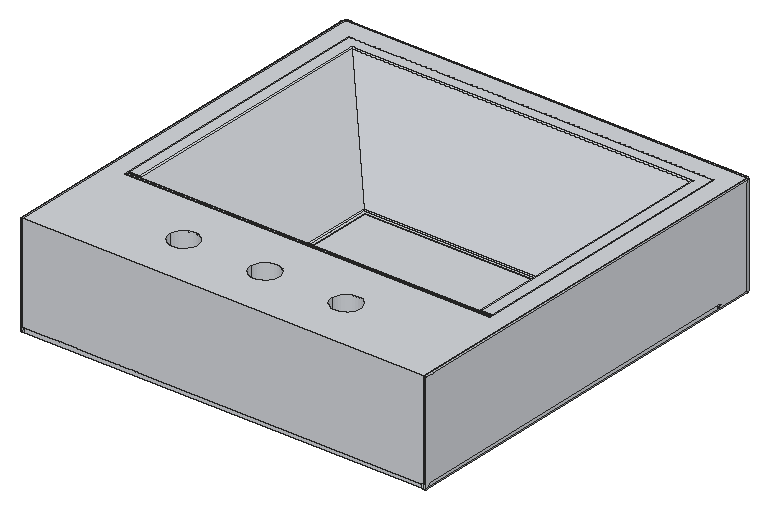
Revit family
Parameters (values of type "400 x 500mm")
  Material = none
  Manufacturer = "Revit"
  Assembly Code = "D2010440"
Reference planes
  plane 1 "Center (Front/Back)": y = 0
  plane 2: z = 0
  plane 3 "Center (Left/Right)": x = 0
  plane 4: x = -134.49
  plane 5: x = -249.489
  plane 6: x = -224.489
Forms (mm)
  Sweep 1, solid, material <- "Material"
    path origin (-125, -75, 630) x (1, 0, 0) y (0, 1, 0)
      loop
        line (-99.49, 210) -> (-99.49, 550) -> (349.489, 550) -> (349.489, 210)
    profile origin (0, 305, 0) x (-1, 0, 0) y (0, 0, 1)
      loop
        line (224.489, 745) -> (224.489, 750) -> (210.598, 750)
        arc (210.598, 750) -> (209.628, 749.749) -> (208.902, 749.06) r 2
        line (208.902, 749.06) -> (135.077, 630.94)
        arc (135.077, 630.94) -> (134.351, 630.251) -> (133.381, 630) r 2
        line (133.381, 630) -> (129.136, 630) -> (129.136, 624.958) -> (137.234, 624.958) -> (212.261, 745) -> (224.489, 745)
  Sweep 2, solid, material <- "Material"
    path origin (-125, -75, 630) x (1, 0, 0) y (0, 1, 0)
      loop
        line (-99.49, 205) -> (349.489, 205)
    profile origin (0, 0, 0) x (0, 1, 0) y (0, 0, 1)
      loop
        line (149.827, 631.749) -> (135.102, 748.251)
        arc (135.102, 748.251) -> (134.441, 749.5) -> (133.118, 750) r 2
        line (133.118, 750) -> (129.881, 750) -> (145.686, 624.958) -> (155.686, 624.958) -> (155.686, 630) -> (151.811, 630)
        arc (151.811, 630) -> (150.489, 630.5) -> (149.827, 631.749) r 2
  Extrusion 3, solid, material <- "Material"
    sketch origin (-125, -75, 630) x (1, 0, 0) y (0, 1, 0)
      loop
        arc (-119.49, 573) -> (-121.611, 572.121) -> (-122.49, 570) r 3
        line (-122.49, 570) -> (-122.49, 75) -> (372.489, 75) -> (372.489, 570)
        arc (372.489, 570) -> (371.611, 572.121) -> (369.489, 573) r 3
        line (369.489, 573) -> (-119.49, 573)
      loop
        circle (25.511, 139.361) r 17.5
      loop
        circle (125.511, 139.361) r 17.5
      loop
        circle (225.511, 139.361) r 17.5
      loop
        line (349.489, 550) -> (-99.49, 550) -> (-99.49, 205) -> (349.489, 205) -> (349.489, 550)
    from 0 to 120
  Sweep 4, solid, material <- "Material"
    path origin (-125, -75, 630) x (1, 0, 0) y (0, 1, 0)
      loop
        line (-124.49, 75) -> (-124.49, 570)
        arc (-124.49, 570) -> (-123.025, 573.536) -> (-119.49, 575) r 5
        line (-119.49, 575) -> (369.489, 575)
        arc (369.489, 575) -> (373.025, 573.536) -> (374.489, 570) r 5
        line (374.489, 570) -> (374.489, 75)
    profile origin (0, 247.5, 0) x (-1, 0, 0) y (0, 0, 1)
      loop
        line (247.489, 750) -> (247.489, 625) -> (248.489, 625)
        arc (248.489, 625) -> (249.197, 625.293) -> (249.489, 626) r 1
        line (249.489, 626) -> (249.489, 749)
        arc (249.489, 749) -> (249.197, 749.707) -> (248.489, 750) r 1
        line (248.489, 750) -> (247.489, 750)
  Extrusion 5, solid, material <- "Material"
    sketch origin (-125, -75, 630) x (1, 0, 0) y (0, 1, 0)
      loop
        arc (-124.49, 80) -> (-123.025, 76.464) -> (-119.49, 75) r 5
        line (-119.49, 75) -> (369.489, 75)
        arc (369.489, 75) -> (373.025, 76.464) -> (374.489, 80) r 5
        line (374.489, 80) -> (374.489, 570)
        arc (374.489, 570) -> (373.025, 573.536) -> (369.489, 575) r 5
        line (369.489, 575) -> (-119.49, 575)
        arc (-119.49, 575) -> (-123.025, 573.536) -> (-124.49, 570) r 5
        line (-124.49, 570) -> (-124.49, 80)
      loop
        circle (125.51, 275) r 23
    from -5.042 to 0
Lines and regions (mm)
  symbolic lines
    curve 1: line (-244.489, 500, 0) -> (244.49, 500, 0)
    curve 2: arc (244.49, 500, 0) -> (248.025, 498.536, 0) -> (249.49, 495, 0) r 5
    curve 3: line (249.49, 495, 0) -> (249.49, 5, 0)
    curve 4: arc (249.49, 5, 0) -> (248.025, 1.464, 0) -> (244.49, 0, 0) r 5
    curve 5: line (244.49, 0, 0) -> (-244.489, 0, 0)
    curve 6: arc (-244.489, 0, 0) -> (-248.025, 1.464, 0) -> (-249.489, 5, 0) r 5
    curve 7: line (-249.489, 5, 0) -> (-249.489, 495, 0)
    curve 8: arc (-249.489, 495, 0) -> (-248.025, 498.536, 0) -> (-244.489, 500, 0) r 5
    curve 9: line (-219.489, 475, 0) -> (219.49, 475, 0)
    curve 10: arc (219.49, 475, 0) -> (223.025, 473.536, 0) -> (224.49, 470, 0) r 5
    curve 11: line (224.49, 470, 0) -> (224.49, 135, 0)
    curve 12: arc (224.49, 135, 0) -> (223.025, 131.464, 0) -> (219.49, 130, 0) r 5
    curve 13: line (219.49, 130, 0) -> (-219.489, 130, 0)
    curve 14: arc (-219.489, 130, 0) -> (-223.025, 131.464, 0) -> (-224.489, 135, 0) r 5
    curve 15: line (-224.489, 135, 0) -> (-224.489, 470, 0)
    curve 16: arc (-224.489, 470, 0) -> (-223.025, 473.536, 0) -> (-219.489, 475, 0) r 5
    curve 17: line (124.106, 150.048, 0) -> (-126.022, 150.048, 0)
    curve 18: line (-126.022, 150.048, 0) -> (-129.49, 150.048, 0)
    curve 19: arc (-129.49, 150.048, 0) -> (-133.025, 151.513, 0) -> (-134.49, 155.048, 0) r 5
    curve 20: line (-134.49, 155.048, 0) -> (-134.49, 380, 0)
    curve 21: arc (-134.49, 380, 0) -> (-133.025, 383.536, 0) -> (-129.49, 385, 0) r 5
    curve 22: line (-129.49, 385, 0) -> (130.511, 385, 0)
    curve 23: line (-219.489, 470, 0) -> (-137.619, 388.13, 0)
    curve 24: line (219.49, 470, 0) -> (137.185, 387.696, 0)
    curve 25: line (219.49, 135, 0) -> (139.819, 150.477, 0)
    curve 26: line (-219.489, 135, 0) -> (-139.472, 151.032, 0)
    curve 27: arc (23.511, 200, 0) -> (0.511, 177, 0) -> (-22.489, 200, 0) r 23
    curve 28: arc (-22.489, 200, 0) -> (0.511, 223, 0) -> (23.511, 200, 0) r 23
    curve 29: arc (-36.989, 200, 0) -> (0.511, 237.5, 0) -> (38.011, 200, 0) r 37.5
    curve 30: arc (38.011, 200, 0) -> (0.511, 162.5, 0) -> (-36.989, 200, 0) r 37.5
    curve 31: arc (-16.989, 64.361, 0) -> (0.511, 81.861, 0) -> (18.011, 64.361, 0) r 17.5
    curve 32: arc (18.011, 64.361, 0) -> (0.511, 46.861, 0) -> (-16.989, 64.361, 0) r 17.5
    curve 33: arc (83.011, 64.361, 0) -> (100.511, 81.861, 0) -> (118.011, 64.361, 0) r 17.5
    curve 34: arc (118.011, 64.361, 0) -> (100.511, 46.861, 0) -> (83.011, 64.361, 0) r 17.5
    curve 35: arc (-116.989, 64.361, 0) -> (-99.489, 81.861, 0) -> (-81.989, 64.361, 0) r 17.5
    curve 36: arc (-81.989, 64.361, 0) -> (-99.489, 46.861, 0) -> (-116.989, 64.361, 0) r 17.5
    curve 37: spline (-11.99, 136.838, 0) -> (-11.564, 137.639, 0) -> (-10.315, 138.385, 0) -> (-8.328, 139.026, 0) -> (-5.74, 139.518, 0) -> (-2.725, 139.827, 0) -> (0.51, 139.933, 0) -> (3.746, 139.827, 0) -> (6.76, 139.518, 0) -> (9.349, 139.026, 0) -> (11.336, 138.385, 0) -> (12.585, 137.639, 0) -> (13.01, 136.838, 0)
    curve 38: spline (-11.99, 136.838, 0) -> (-11.564, 136.036, 0) -> (-10.315, 135.29, 0) -> (-8.328, 134.649, 0) -> (-5.74, 134.157, 0) -> (-2.725, 133.848, 0) -> (0.51, 133.742, 0) -> (3.746, 133.848, 0) -> (6.76, 134.157, 0) -> (9.349, 134.649, 0) -> (11.336, 135.29, 0) -> (12.585, 136.036, 0) -> (13.01, 136.838, 0)
    curve 39: arc (130.511, 150.048, 0) -> (134.046, 151.513, 0) -> (135.511, 155.048, 0) r 5
    curve 40: line (135.511, 155.048, 0) -> (135.511, 380, 0)
    curve 41: arc (135.511, 380, 0) -> (134.046, 383.536, 0) -> (130.511, 385, 0) r 5
Dimensions and locks
  locked: curve 1 to curve 5 at 500
  locked: curve 9 to curve 1 at 25
  locked: curve 13 to curve 5 at 130
  locked: curve 17 to curve 13 at 20.048
  locked: curve 22 to curve 17 at 234.952
  locked: curve 22 to curve 9 at 90
  curve 32 to curve 36 to curve 34 to curve 5 = 0 mm, 0 mm, 46.861 mm locked
  curve 27 to curve 30 to curve 17 = 14.5 mm locked, 12.452 mm locked
  locked: curve 38 to curve 13 at 3.742
